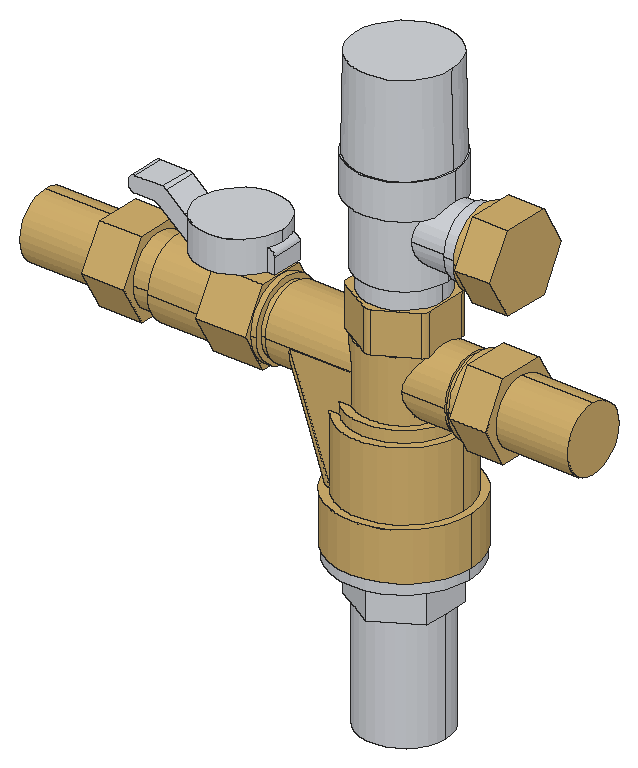
Revit family
Parameters (values of type "KHN3.224")
  URL = "http://www.autospec.co.za/browse.php?id=1644179288"
  Radius of Pipe = Diameter of Pipe / 2  # 11 mm
  Product Code = "KHN3.224"
  Pressure Rating = 400 kPa
  OmniClass Title = ""
  OmniClass Number = ""
  Modspec Classification = ""
  Specification = ""
  Male Connection Radius = Male Connection Diameter / 2  # 10 mm
  Male Connection Diameter = 20 mm
  Location (revit room) = ""
  Model = "Pressure Control Multi Valve With Male Connection KHN3.224"
  Manufacturer = "Kwikot"  # constant formula
  Material = DZR Brass
  Diameter of Pipe = 22 mm
  Colour = none
  Body Finish = none
  Assembly Code = "D2090800"
Types (3, lengths in mm): name | Product Code | Pressure Rating | Model
  (no name) | "KHN3.224" | 400 kPa | "Pressure Control Multi Valve With Male Connection KHN3.224"
  KHN3.224 | "KHN3.224" | 400 kPa | "Pressure Control Multi Valve With Male Connection KHN3.224"
  KHN3.226 | "KHN3.226" | 600 kPa | "Pressure Control Multi Valve With Male Connection KHN3.226"
Reference planes
  plane 1 "Center (Front/Back)": y = 0
  plane 2: z = 0
  plane 3 "Center (Left/Right)": x = 0
  plane 4: z = -100
  plane 5: z = 88
  plane 6: z = -65
  plane 7: x = 13
  plane 8: x = -13
  plane 9: z = -49.4
  plane 10: z = -34.4
  plane 11: z = -52.865
  plane 12: z = -12.9
  plane 13: z = -9.4
  plane 14: z = 9.6
  plane 15: z = 22.1
  plane 16: z = 28.1
  plane 17: z = 49
  plane 18: z = 60
  plane 19: x = 21.5
  plane 20: x = -34.5
  plane 21: x = 36.5
  plane 22: x = -54
  plane 23: x = 23.5
  plane 24: x = 25.5
  plane 25: x = -36.5
  plane 26: x = -38.5
  plane 27: z = 42
  plane 28: x = 38
  plane 29: x = 27
  plane 30: x = -70.5
  plane 31: x = -76.5
  plane 32: x = -89.5
  plane 33: x = -51
  plane 34: x = -26.5
Forms (mm)
  Extrusion 1, solid, detail levels fine
    sketch origin (-440, -1524, -100) x (-1, 0, 0) y (0, -1, 0)
      loop
        circle (-440, -1524) r 13
    from 0 to 35
  Extrusion 2, solid, detail levels fine
    sketch origin (-440, -1524, -65) x (-1, 0, 0) y (0, -1, 0)
      loop
        line (-453, -1531.506) -> (-440, -1539.011) -> (-427, -1531.506) -> (-427, -1516.494) -> (-440, -1508.989) -> (-453, -1516.494) -> (-453, -1531.506)
    from 0 to 12.135
  Extrusion 3, solid, detail levels fine
    sketch origin (-20.969, -1524, -52.865) x (-1, 0, 0) y (0, -1, 0)
      loop
        circle (-20.969, -1524) r 20.5
    from 0 to 3.465
  Extrusion 4, solid, material "DZR Brass" <- "Material", detail levels fine
    sketch origin (-165.612, -1524, -49.4) x (-1, 0, 0) y (0, -1, 0)
      loop
        circle (-165.612, -1524) r 21
    from 0 to 15
  Extrusion 5, solid, material "DZR Brass" <- "Material", detail levels fine
    sketch origin (0, 0, 0) x (0, 1, 0) y (0, 0, 1)
      loop
        circle (0, 0) r 11
    from 21.5 to -34.5
  Extrusion 6, solid, material "DZR Brass" <- "Material", detail levels fine
    sketch origin (-165.612, -1524, -34.4) x (-1, 0, 0) y (0, -1, 0)
      loop
        circle (-165.612, -1524) r 18.5
    from 0 to 21.5
  Extrusion 7, solid, material "DZR Brass" <- "Material", detail levels fine
    sketch origin (-60.699, -1524, -12.9) x (-1, 0, 0) y (0, -1, 0)
      loop
        circle (-60.699, -1524) r 16
    from 0 to 3.5
  Extrusion 8, solid, material "DZR Brass" <- "Material", detail levels fine
    sketch origin (-60.699, -1524, -9.4) x (-1, 0, 0) y (0, -1, 0)
      loop
        circle (-60.699, -1524) r 13.5
    from 0 to 19
  Blend 9, solid, material "DZR Brass" <- "Material", detail levels fine
    base sketch origin (-60.699, -1524, -9.4) x (-1, 0, 0) y (0, -1, 0)
      loop
        arc (-33.817, -1535) -> (-31.165, -1533.403) -> (-31.338, -1530.311) r 3
        arc (-31.338, -1530.311) -> (-29.942, -1523.999) -> (-31.332, -1517.686) r 15
        arc (-31.332, -1517.686) -> (-31.163, -1514.596) -> (-33.814, -1513) r 3
        line (-33.814, -1513) -> (-55.873, -1513) -> (-55.873, -1535) -> (-33.817, -1535)
    top sketch origin (-60.699, -1524, -9.4) x (-1, 0, 0) y (0, -1, 0)
      loop
        line (-55.873, -1535) -> (-46.266, -1535)
        arc (-46.266, -1535) -> (-44.698, -1534.558) -> (-43.592, -1533.361) r 3
        arc (-43.592, -1533.361) -> (-41.199, -1524) -> (-43.592, -1514.639) r 19.5
        arc (-43.592, -1514.639) -> (-44.698, -1513.442) -> (-46.266, -1513) r 3
        line (-46.266, -1513) -> (-55.873, -1513) -> (-55.873, -1535)
    from 9.4 to -25.5
  Extrusion 10, solid, material "DZR Brass" <- "Material", detail levels fine
    sketch origin (-60.699, -1524, 9.6) x (-1, 0, 0) y (0, -1, 0)
      loop
        line (-72.699, -1532.083) -> (-61.699, -1538.434)
        arc (-61.699, -1538.434) -> (-60.699, -1538.702) -> (-59.699, -1538.434) r 2
        line (-59.699, -1538.434) -> (-48.699, -1532.083)
        arc (-48.699, -1532.083) -> (-47.967, -1531.351) -> (-47.699, -1530.351) r 2
        line (-47.699, -1530.351) -> (-47.699, -1517.649)
        arc (-47.699, -1517.649) -> (-47.967, -1516.649) -> (-48.699, -1515.917) r 2
        line (-48.699, -1515.917) -> (-59.699, -1509.566)
        arc (-59.699, -1509.566) -> (-60.699, -1509.298) -> (-61.699, -1509.566) r 2
        line (-61.699, -1509.566) -> (-72.699, -1515.917)
        arc (-72.699, -1515.917) -> (-73.431, -1516.649) -> (-73.699, -1517.649) r 2
        line (-73.699, -1517.649) -> (-73.699, -1530.351)
        arc (-73.699, -1530.351) -> (-73.431, -1531.351) -> (-72.699, -1532.083) r 2
    from 0 to 12.5
  Extrusion 11, solid, detail levels fine
    sketch origin (-60.699, -1524, 22.1) x (-1, 0, 0) y (0, -1, 0)
      loop
        circle (-60.699, -1524) r 12.2
    from 0 to 6
  Extrusion 12, solid, detail levels fine
    sketch origin (-60.699, -1524, 28.1) x (-1, 0, 0) y (0, -1, 0)
      loop
        circle (-60.699, -1524) r 13.5
    from 0 to 20.9
  Extrusion 13, solid, detail levels fine
    sketch origin (-60.699, -1524, 49) x (-1, 0, 0) y (0, -1, 0)
      loop
        circle (-60.699, -1524) r 16
    from 0 to 11
  Blend 14, solid, detail levels fine
    base sketch origin (-60.699, -1524, 60) x (-1, 0, 0) y (0, -1, 0)
      loop
        circle (-60.699, -1524) r 15.5
    top sketch origin (-60.699, -1524, 60) x (-1, 0, 0) y (0, -1, 0)
      loop
        circle (-60.699, -1524) r 15
    from 0 to 28
  Extrusion 15, solid, material "DZR Brass" <- "Material", detail levels fine
    sketch origin (21.5, -1524, -21.263) x (0, 0, -1) y (0, -1, 0)
      loop
        circle (-21.263, -1524) r 10.5
    from 0 to -2
  Extrusion 16, solid, material "DZR Brass" <- "Material", detail levels fine
    sketch origin (-34.5, -1524, -21.263) x (0, 0, -1) y (0, -1, 0)
      loop
        circle (-21.263, -1524) r 10.5
    from 0 to 2
  Extrusion 17, solid, material "DZR Brass" <- "Material", detail levels fine
    sketch origin (21.5, -1524, -21.263) x (0, 0, -1) y (0, -1, 0)
      loop
        circle (-21.263, -1524) r 12
    from -2 to -4
  Extrusion 18, solid, material "DZR Brass" <- "Material", detail levels fine
    sketch origin (-34.5, -1524, -21.263) x (0, 0, -1) y (0, -1, 0)
      loop
        circle (-21.263, -1524) r 12
    from 2 to 4
  Extrusion 19, solid, material "DZR Brass" <- "Material", detail levels fine
    sketch origin (25.5, -1524, -21.263) x (0, 0, -1) y (0, -1, 0)
      loop
        line (-9.263, -1517.072) -> (-21.263, -1510.144) -> (-33.263, -1517.072) -> (-33.263, -1530.928) -> (-21.263, -1537.856) -> (-9.263, -1530.928) -> (-9.263, -1517.072)
    from 0 to -11
  Extrusion 20, solid, material "DZR Brass" <- "Material", detail levels fine
    sketch origin (-38.5, -1524, -21.263) x (0, 0, -1) y (0, -1, 0)
      loop
        line (-33.263, -1517.072) -> (-33.263, -1530.928) -> (-21.263, -1537.856) -> (-9.263, -1530.928) -> (-9.263, -1517.072) -> (-21.263, -1510.144) -> (-33.263, -1517.072)
    from 0 to 15.5
  Extrusion 21, solid, detail levels fine
    sketch origin (0, 0, 0) x (0, 1, 0) y (0, 0, 1)
      loop
        circle (0, 42) r 9.5
    from 0 to 20.8
  Extrusion 22, solid, detail levels fine
    sketch origin (0, 0, 0) x (0, 1, 0) y (0, 0, 1)
      loop
        circle (0, 42) r 10.45
    from 20.8 to 25
  Extrusion 23, solid, material "DZR Brass" <- "Material", detail levels fine
    sketch origin (0, 0, 0) x (0, 1, 0) y (0, 0, 1)
      loop
        circle (0, 42) r 12
    from 25 to 27
  Extrusion 24, solid, material "DZR Brass" <- "Material", detail levels fine
    sketch origin (38, -1524, 66.867) x (0, 0, 1) y (0, -1, 0)
      loop
        line (-12.867, -1517.072) -> (-24.867, -1510.144) -> (-36.867, -1517.072) -> (-36.867, -1530.928) -> (-24.867, -1537.856) -> (-12.867, -1530.928) -> (-12.867, -1517.072)
    from 0 to -11
  Extrusion 25, solid, material "DZR Brass" <- "Material", detail levels fine
    sketch origin (-54, -1524, -24.693) x (0, 0, -1) y (0, -1, 0)
      loop
        circle (-24.693, -1524) r 12
    from 0 to 16.5
  Extrusion 26, solid, material "DZR Brass" <- "Material", detail levels fine
    sketch origin (-70.5, -1524, -24.693) x (0, 0, -1) y (0, -1, 0)
      loop
        circle (-24.693, -1524) r 10.5
    from 0 to 6
  Extrusion 27, solid, material "DZR Brass" <- "Material", detail levels fine
    sketch origin (-76.5, -1524, -152.224) x (0, 0, -1) y (0, -1, 0)
      loop
        line (-164.224, -1530.928) -> (-152.224, -1537.856) -> (-140.224, -1530.928) -> (-140.224, -1517.072) -> (-152.224, -1510.144) -> (-164.224, -1517.072) -> (-164.224, -1530.928)
    from 0 to 13
  Extrusion 28, solid, material "DZR Brass", detail levels fine
    sketch origin (0, 0, 0) x (1, 0, 0) y (0, 1, 0)
      loop
        circle (-51, 0) r 8.25
    from 12 to 14.461
  Extrusion 29, solid, detail levels fine
    sketch origin (0, 0, 0) x (1, 0, 0) y (0, 1, 0)
      loop
        circle (-51, 0) r 13
    from 14.461 to 24.5
  Extrusion 30, solid, detail levels fine
    sketch origin (0, 0, 0) x (1, 0, 0) y (0, 0, 1)
      loop
        line (-38.5, 21.385) -> (-63.155, 21.385)
        arc (-63.155, 21.385) -> (-63.841, 21.506) -> (-64.443, 21.855) r 2
        line (-64.443, 21.855) -> (-70.117, 26.63)
        arc (-70.117, 26.63) -> (-70.719, 26.979) -> (-71.405, 27.1) r 2
        line (-71.405, 27.1) -> (-80.111, 27.1)
        arc (-80.111, 27.1) -> (-81.525, 26.514) -> (-82.111, 25.1) r 2
        line (-82.111, 25.1) -> (-82.111, 24.1)
        arc (-82.111, 24.1) -> (-81.525, 22.686) -> (-80.111, 22.1) r 2
        line (-80.111, 22.1) -> (-73.806, 22.1)
        arc (-73.806, 22.1) -> (-73.12, 21.979) -> (-72.518, 21.63) r 2
        line (-72.518, 21.63) -> (-64, 14.461) -> (-36.5, 14.461) -> (-36.5, 19.385)
        arc (-36.5, 19.385) -> (-37.086, 20.799) -> (-38.5, 21.385) r 2
    from -5 to 5
  Extrusion 31, solid, material "DZR Brass" <- "Material", detail levels fine
    sketch origin (36.5, -1524, -21.263) x (0, 0, -1) y (0, -1, 0)
      loop
        circle (-21.263, -1524) r 10
    from 0 to -22.5
  Extrusion 32, solid, material "DZR Brass" <- "Material", detail levels fine
    sketch origin (-89.5, -1524, -152.224) x (0, 0, -1) y (0, -1, 0)
      loop
        circle (-152.224, -1524) r 10
    from 0 to 22.5
Cuts and joins
  joined: Extrusion 11, Extrusion 12, Extrusion 13, Blend 14, Extrusion 21, Extrusion 22
  joined: Extrusion 1, Extrusion 2, Extrusion 3
  joined: Extrusion 5, Extrusion 10, Extrusion 15, Extrusion 16, Extrusion 17, Extrusion 18, Extrusion 19, Extrusion 20, Extrusion 25, Extrusion 26, Extrusion 27, Extrusion 31, Extrusion 32
  joined: Extrusion 4, Extrusion 6, Extrusion 7, Extrusion 8, Blend 9
  joined: Extrusion 23, Extrusion 24
Lines and regions (mm)
  model lines
    curve 1: line (-26.5, 0, 0) -> (-26.5, 40, 0)
    curve 2: line (-41.5, 40, 0) -> (-11.5, 40, 0)
    curve 3: line (-112, 0, 0) -> (-70.5, 0, 0)
    curve 4: line (59, 0, 0) -> (17.5, 0, 0)
    curve 5: arc (-41.5, 40, 0) -> (-26.5, 46.771, 0) -> (-11.5, 40, 0) r 20
    curve 6: line (-70.5, -13.856, 0) -> (-70.5, 13.856, 0)
    curve 7: line (-70.5, 13.856, 0) -> (17.5, -13.856, 0)
    curve 8: line (-70.5, -13.856, 0) -> (17.5, 13.856, 0)
    curve 9: line (17.5, 13.856, 0) -> (17.5, -13.856, 0)
    curve 10: line (-26.5, 46.771, 0) -> (-26.5, 61.771, 0)
    curve 11: line (-26.5, 61.771, 0) -> (31.103, 61.771, 0)
    curve 12: line (31.103, 61.771, 0) -> (31.103, 0, 0)
Dimensions and locks
  level to plane 4 = 100 mm
  plane 6 to plane 4 = 35 mm
  plane 8 to plane 7 = 26 mm
  plane 3 "Center (Left/Right)" to plane 19 = 21.5 mm
  plane 20 to plane 19 = 56 mm
  plane 3 "Center (Left/Right)" to plane 21 = 36.5 mm
  plane 22 to plane 3 "Center (Left/Right)" = 54 mm
  plane 27 to plane 2 = 42 mm
  plane 28 to plane 3 "Center (Left/Right)" = 38 mm
  plane 28 to plane 29 = 11 mm
  plane 29 to plane 3 "Center (Left/Right)" = 27 mm
  plane 5 to level = 88 mm
  plane 3 "Center (Left/Right)" to plane 33 = 51 mm
  equal spacing: Blend 9 sketch curve, plane 1 "Center (Front/Back)", Blend 9 sketch curve
  "Radius of Pipe": plane 1 "Center (Front/Back)" to Blend 9 sketch curve
  plane 20 to Blend 9 sketch curve = 3.743 mm
  plane 20 to Blend 9 sketch curve = 15 mm
  radius of Extrusion 1 sketch curve = 13 mm
  "Radius of Pipe": radius of Extrusion 5 sketch curve
  radius of Extrusion 21 sketch curve = 9.5 mm
  radius of Extrusion 23 sketch curve = 12 mm
  radius of Extrusion 22 sketch curve = 10.45 mm
  radius of Extrusion 28 sketch curve = 8.25 mm
  radius of Blend 9 sketch curve = 15 mm
  radius of Blend 9 sketch curve = 3 mm  (x4)
  radius of Blend 9 sketch curve = 19.5 mm
  "Male Connection Radius": radius of Extrusion 31 sketch curve
  aligned and locked: level to plane 2
  aligned and locked: plane 6 to Extrusion 1
  aligned and locked: Extrusion 1 to plane 4
  aligned and locked: plane 11 to Extrusion 2
  aligned and locked: Extrusion 2 to plane 6
  aligned and locked: plane 9 to Extrusion 3
  aligned and locked: Extrusion 3 to Extrusion 2
  aligned and locked: plane 10 to Extrusion 4
  aligned and locked: Extrusion 4 to plane 9
  aligned and locked: plane 12 to Extrusion 6
  aligned and locked: Extrusion 6 to plane 10
  aligned and locked: plane 13 to Extrusion 7
  aligned and locked: Extrusion 7 to plane 12
  aligned and locked: plane 14 to Extrusion 8
  aligned and locked: Extrusion 8 to Extrusion 7
  aligned and locked: plane 15 to Extrusion 10
  aligned and locked: Extrusion 10 to Extrusion 8
  aligned and locked: plane 16 to Extrusion 11
  aligned and locked: Extrusion 11 to plane 15
  aligned and locked: plane 17 to Extrusion 12
  aligned and locked: Extrusion 12 to plane 16
  aligned and locked: plane 18 to Extrusion 13
  aligned and locked: Extrusion 13 to plane 17
  aligned and locked: plane 5 to Blend 14
  aligned and locked: Blend 14 to plane 18
  aligned and locked: plane 20 to Extrusion 5
  aligned and locked: Extrusion 5 to plane 19
  aligned: Extrusion 16 sketch curve to Extrusion 15
  aligned and locked: Extrusion 16 sketch curve to Extrusion 15
  aligned and locked: Extrusion 17 to Extrusion 15
  aligned: Extrusion 18 sketch curve to Extrusion 17
  aligned and locked: Extrusion 18 sketch curve to Extrusion 17
  aligned and locked: Extrusion 15 to plane 23
  aligned and locked: plane 23 to Extrusion 17
  aligned and locked: Extrusion 17 to plane 24
  aligned and locked: plane 25 to Extrusion 16
  aligned and locked: Extrusion 18 to Extrusion 16
  aligned and locked: plane 26 to Extrusion 18
  aligned and locked: Extrusion 19 to Extrusion 17
  aligned and locked: Extrusion 19 to plane 21
  aligned and locked: plane 22 to Extrusion 20
  aligned and locked: Extrusion 20 to Extrusion 18
  aligned and locked: plane 1 "Center (Front/Back)" to Extrusion 21 sketch curve
  aligned and locked: plane 27 to Extrusion 21 sketch curve
  aligned and locked: plane 27 to Extrusion 22 sketch curve
  aligned and locked: plane 1 "Center (Front/Back)" to Extrusion 22 sketch curve
  aligned and locked: plane 27 to Extrusion 23 sketch curve
  aligned and locked: plane 1 "Center (Front/Back)" to Extrusion 23 sketch curve
  aligned and locked: plane 29 to Extrusion 23
  aligned and locked: plane 28 to Extrusion 24
  aligned and locked: Extrusion 24 to plane 29
  aligned and locked: Extrusion 25 sketch curve to cut or joined group 1 (Extrusion 5, Extrusion 10, Extrusion 15, Extrusion 16, Extrusion 17, Extrusion 18, Extrusion 19, Extrusion 20, Extrusion 25, Extrusion 26, Extrusion 27, Extrusion 31, Extrusion 32)  (x2)
  aligned and locked: plane 30 to Extrusion 25
  aligned and locked: Extrusion 25 to plane 22
  aligned and locked: Extrusion 26 sketch curve to cut or joined group 1  (x2)
  aligned and locked: Extrusion 27 to plane 31
  aligned and locked: plane 32 to Extrusion 27
  aligned and locked: Extrusion 26 to plane 30
  aligned and locked: plane 31 to Extrusion 26
  aligned and locked: Extrusion 25 to Extrusion 26
  aligned and locked: Extrusion 25 to cut or joined group 1
  aligned and locked: plane 33 to Extrusion 28 sketch curve
  aligned and locked: plane 1 "Center (Front/Back)" to Extrusion 28 sketch curve
  aligned and locked: Extrusion 28 to cut or joined group 1
  aligned and locked: plane 33 to Extrusion 29 sketch curve
  aligned and locked: plane 1 "Center (Front/Back)" to Extrusion 29 sketch curve
  aligned and locked: Extrusion 29 to Extrusion 28
  aligned and locked: Extrusion 30 sketch curve to Extrusion 29
  aligned and locked: Blend 9 sketch curve to var sketch  (x2)
  aligned and locked: var sketch to Blend 9 sketch curve
  aligned and locked: level to Extrusion 31 sketch curve
  aligned and locked: plane 1 "Center (Front/Back)" to Extrusion 31 sketch curve
  aligned and locked: Extrusion 32 sketch curve to cut or joined group 1  (x2)
  aligned and locked: curve 3 to cut or joined group 1
  aligned and locked: curve 6 to plane 30
Automatic sketch dimensions
  plane 1 "Center (Front/Back)" to Extrusion 1 sketch curve = 0 mm
  Extrusion 1 sketch curve to plane 3 "Center (Left/Right)" = 0 mm
  Extrusion 2 sketch curve to plane 7 = 0 mm
  Extrusion 2 sketch curve to plane 3 "Center (Left/Right)" = 0 mm  (x2)
  Extrusion 2 sketch curve to plane 8 = 0 mm
  Extrusion 2 sketch curve to plane 1 "Center (Front/Back)" = 15.011 mm
  Extrusion 2 sketch curve to plane 1 "Center (Front/Back)" = 7.506 mm  (x2)
  plane 1 "Center (Front/Back)" to Extrusion 2 sketch curve = 7.506 mm  (x2)
  Extrusion 2 sketch curve to Extrusion 2 sketch curve = 7.506 mm
  plane 1 "Center (Front/Back)" to Extrusion 3 sketch curve = 0 mm
  Extrusion 3 sketch curve to plane 3 "Center (Left/Right)" = 0 mm
  plane 1 "Center (Front/Back)" to Extrusion 4 sketch curve = 0 mm
  Extrusion 4 sketch curve to plane 3 "Center (Left/Right)" = 0 mm
  Extrusion 5 sketch curve to level = 0 mm
  Extrusion 5 sketch curve to plane 1 "Center (Front/Back)" = 0 mm
  plane 1 "Center (Front/Back)" to Extrusion 6 sketch curve = 0 mm
  Extrusion 6 sketch curve to plane 3 "Center (Left/Right)" = 0 mm
  plane 1 "Center (Front/Back)" to Extrusion 7 sketch curve = 0 mm
  Extrusion 7 sketch curve to plane 3 "Center (Left/Right)" = 0 mm
  plane 1 "Center (Front/Back)" to Extrusion 8 sketch curve = 0 mm
  Extrusion 8 sketch curve to plane 3 "Center (Left/Right)" = 0 mm
  Extrusion 10 sketch curve to plane 7 = 0 mm
  Extrusion 10 sketch curve to plane 3 "Center (Left/Right)" = 0 mm  (x2)
  Extrusion 10 sketch curve to plane 8 = 0 mm
  plane 7 to Extrusion 10 sketch curve = 1 mm  (x2)
  Extrusion 10 sketch curve to Extrusion 10 sketch curve = 2 mm  (x2)
  plane 3 "Center (Left/Right)" to Extrusion 10 sketch curve = 1 mm  (x2)
  Extrusion 10 sketch curve to plane 3 "Center (Left/Right)" = 1 mm  (x2)
  Extrusion 10 sketch curve to plane 8 = 2 mm  (x2)
  Extrusion 10 sketch curve to plane 8 = 1 mm  (x2)
  Extrusion 10 sketch curve to plane 1 "Center (Front/Back)" = 14.434 mm
  Extrusion 10 sketch curve to Extrusion 10 sketch curve = 1.732 mm  (x2)
  Extrusion 10 sketch curve to plane 1 "Center (Front/Back)" = 8.083 mm  (x2)
  plane 1 "Center (Front/Back)" to Extrusion 10 sketch curve = 6.351 mm  (x2)
  Extrusion 10 sketch curve to Extrusion 10 sketch curve = 6.351 mm
  plane 1 "Center (Front/Back)" to Extrusion 11 sketch curve = 0 mm
  Extrusion 11 sketch curve to plane 3 "Center (Left/Right)" = 0 mm
  plane 1 "Center (Front/Back)" to Extrusion 12 sketch curve = 0 mm
  Extrusion 12 sketch curve to plane 3 "Center (Left/Right)" = 0 mm
  plane 1 "Center (Front/Back)" to Extrusion 13 sketch curve = 0 mm
  Extrusion 13 sketch curve to plane 3 "Center (Left/Right)" = 0 mm
  plane 1 "Center (Front/Back)" to Blend 14 sketch curve = 0 mm  (x2)
  Blend 14 sketch curve to plane 3 "Center (Left/Right)" = 0 mm  (x2)
  Extrusion 15 sketch curve to level = 0 mm
  Extrusion 15 sketch curve to plane 1 "Center (Front/Back)" = 0 mm
  Extrusion 17 sketch curve to level = 0 mm
  Extrusion 17 sketch curve to plane 1 "Center (Front/Back)" = 0 mm
  Extrusion 19 sketch curve to level = 0 mm  (x2)
  plane 14 to Extrusion 19 sketch curve = 2.4 mm
  plane 12 to Extrusion 19 sketch curve = 0.9 mm
  Extrusion 19 sketch curve to plane 1 "Center (Front/Back)" = 13.856 mm
  Extrusion 19 sketch curve to plane 1 "Center (Front/Back)" = 6.928 mm  (x2)
  plane 1 "Center (Front/Back)" to Extrusion 19 sketch curve = 6.928 mm  (x2)
  plane 1 "Center (Front/Back)" to Extrusion 19 sketch curve = 13.856 mm
  Extrusion 20 sketch curve to level = 0 mm  (x2)
  plane 14 to Extrusion 20 sketch curve = 2.4 mm
  plane 12 to Extrusion 20 sketch curve = 0.9 mm
  Extrusion 20 sketch curve to plane 1 "Center (Front/Back)" = 13.856 mm
  Extrusion 20 sketch curve to plane 1 "Center (Front/Back)" = 6.928 mm  (x2)
  plane 1 "Center (Front/Back)" to Extrusion 20 sketch curve = 6.928 mm  (x2)
  Extrusion 20 sketch curve to Extrusion 20 sketch curve = 6.928 mm
  Extrusion 30 sketch curve to plane 15 = 0 mm
  plane 26 to Extrusion 30 sketch curve = 0 mm
  plane 25 to Extrusion 30 sketch curve = 0 mm
  Extrusion 30 sketch curve to plane 15 = 0.715 mm
  Extrusion 30 sketch curve to plane 30 = 7.345 mm
  Extrusion 30 sketch curve to plane 30 = 6.5 mm
  Extrusion 30 sketch curve to plane 15 = 0.245 mm
  Extrusion 30 sketch curve to Extrusion 30 sketch curve = 1.288 mm  (x2)
  Extrusion 30 sketch curve to plane 30 = 0.383 mm
  plane 30 to Extrusion 30 sketch curve = 0.905 mm
  Extrusion 30 sketch curve to plane 15 = 0.47 mm
  plane 30 to Extrusion 30 sketch curve = 2.018 mm
  plane 31 to Extrusion 30 sketch curve = 3.611 mm  (x2)
  Extrusion 30 sketch curve to plane 16 = 1 mm
  Extrusion 30 sketch curve to Extrusion 30 sketch curve = 2 mm  (x2)
  Blend 9 sketch curve to plane 3 "Center (Left/Right)" = 4.825 mm
  plane 34 to Blend 9 sketch curve = 0.381 mm
  plane 34 to Blend 9 sketch curve = 0.385 mm
  plane 1 "Center (Front/Back)" to Blend 9 sketch curve = 0.007 mm
  plane 1 "Center (Front/Back)" to Blend 9 sketch curve = 0 mm
  Blend 9 sketch curve to Blend 9 sketch curve = 0 mm  (x2)
  curve 5 to plane 34 = 0 mm
  curve 11 to plane 34 = 0 mm
  curve 1 to plane 34 = 0 mm
  plane 1 "Center (Front/Back)" to curve 12 = 0 mm
  plane 1 "Center (Front/Back)" to curve 1 = 0 mm
  plane 32 to curve 3 = 22.5 mm
  plane 26 to curve 5 = 3 mm
  plane 19 to curve 9 = 4 mm
  plane 29 to curve 11 = 4.103 mm
  plane 28 to curve 4 = 21 mm
  curve 6 to curve 3 = 13.856 mm
  curve 7 to curve 4 = 13.856 mm
  curve 6 to plane 1 "Center (Front/Back)" = 13.856 mm
  curve 1 to curve 5 = 26.771 mm
  curve 5 to curve 2 = 13.229 mm
  curve 5 to curve 11 = 21.771 mm
  radius of Extrusion 3 sketch curve = 20.5 mm
  radius of Extrusion 4 sketch curve = 21 mm
  radius of Extrusion 6 sketch curve = 18.5 mm
  radius of Extrusion 7 sketch curve = 16 mm
  radius of Extrusion 8 sketch curve = 13.5 mm
  radius of Extrusion 11 sketch curve = 12.2 mm
  radius of Extrusion 12 sketch curve = 13.5 mm
  radius of Extrusion 13 sketch curve = 16 mm
  radius of Blend 14 sketch curve = 15.5 mm
  radius of Blend 14 sketch curve = 15 mm
  radius of Extrusion 15 sketch curve = 10.5 mm
  radius of Extrusion 17 sketch curve = 12 mm
  radius of Extrusion 29 sketch curve = 13 mm
Connectors
  piping at (59, 0, 0), driven by "Radius of Pipe"
    settings: on cut or joined group 1, index 1, connector radius 11 mm, flow factor 0, pipe flow 0.0 L/s, pressure drop 0 kPa, fitting loss kfactor 0, connector angle 0.00°, fixture units 0, flow configuration 0, flow direction 0, fitting loss method 0, system type 29, connector reference index 2, connector utility 0, adjustable connector no, is connector primary yes, fitting loss table "", connector description ""
  piping at (-112, 0, 0), driven by "Radius of Pipe"
    settings: on cut or joined group 1, index 2, connector radius 11 mm, flow factor 0, pipe flow 0.0 L/s, pressure drop 0 kPa, fitting loss kfactor 0, connector angle 0.00°, fixture units 0, flow configuration 0, flow direction 0, fitting loss method 0, system type 29, connector reference index 1, connector utility 0, adjustable connector no, is connector primary no, fitting loss table "", connector description ""
